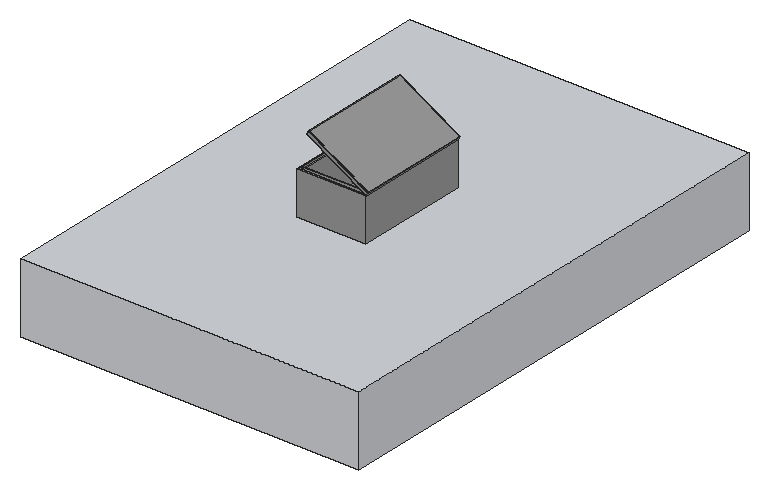
Revit family "Hager-Univers-IP44-D205-Cl.I-enclosure_metering-CH-it", category Equipement électrique, Revit 2020
Family settings
  Hôte = Face
  Configuration du panneau = Deux colonnes, circuits au sein
  Cote de connecteur circulaire = Utiliser le diamètre
  Type d'élément = Tableau de raccordement
  Couper avec des vides une fois chargée = Non
  Partagée = Non
  Point de calcul de pièce = Non
Parameters (values of type "A parete IP44 L300 A500 P205  - ZB011T")
  Width Control [instance] = if([EF000008 - Larghezza] > Min Width, [EF000008 - Larghezza], Min Width)  # 300 mm
  Commentaires du type = [HG000003 - Gamma]  # "Univers"
  Thickness Door [instance] = if([EF009171 - spessore materiale porta/coperchio] > 3 mm, 3 mm, [EF009171 - spessore materiale porta/coperchio])  # 1 mm
  Seal Frame Offset [instance] = 17 mm  # constant formula
  Plinth Visibility [instance] = [HG000027 - Altezza dello zoccolo] > 0 mm  # no
  Model = ""
  Min Width [instance] = 100 mm  # constant formula
  Min Height [instance] = 100 mm  # constant formula
  Min Depth [instance] = (2 * [EF009170 - spessore materiale scatola]) + 1 mm  # 3 mm
  Internal Frame Depth [instance] = (Door System Depth * 0.5)  # 9 mm
  Height Control [instance] = if([EF000040 - Altezza] > Min Height, [EF000040 - Altezza], Min Height)  # 500 mm
  HG000027 - Altezza dello zoccolo = 0 mm
  HG000026 - A pavimento = no
  HG000024 - Altezza della sezione inferiore = 800 mm
  HG000023 - Custodia a doppia sezione = no
  HG000016 - Visibilità delle porte nella vista 3D [instance] = yes
  HG000015 - Visibilità attraverso la porta [instance] = no
  HG000014 - Porta destra [instance] = yes
  HG000013 - Porta sinistra [instance] = not([HG000014 - Porta destra])  # no
  HG000012 - Angolo di apertura della porta [instance] = 30.00°
  HG000010 - Porte asimmetriche = no
  HG000009 - Porta doppia a battente = no
  HG000006 - Ad incasso = no
  HG000004 - Codice produttore = "ZB011T"
  HG000003 - Gamma = "Univers"
  HG000002 - Con porta = yes
  Frame Offset Bottom [instance] = 10 mm  # constant formula
  Frame Offset [instance] = 15 mm  # constant formula
  EF015940 - Coprire con rilascio di sovrapressione = no
  EF011959 - tipo di protezione (NEMA) = ""
  EF009554 - numero delle aperture per la piastra della flangia = 0
  Fabricant = "Hager"  # constant formula
  EF009212 - esecuzione coperchio = "EV000116 - chiuso"
  EF009171 - spessore materiale porta/coperchio = 1 mm
  EF009170 - spessore materiale scatola = 1 mm
  EF008873 - corrente nominale (In) = 250 A
  EF007800 - adatto per parafulmine = no
  EF006306 - con serratura = no
  EF006244 - coperchio/porta trasparente = no
  EF005474 - grado di protezione (IP) = "EV006418 - IP44"
  EF004464 - tipo di porta = "EV002646 - singolo"
  EF004427 - numero di moduli = 48
  EF004293 - resistenza agli urti = "EV006815 - IK09"
  EF003532 - adatto per uso esterno = no
  EF002950 - Numero moduli DIN = 0
  EF001613 - Integrità del circuito = "EV000494 - senza"
  EF001596 - Attacco Lampada = "EV000179 - acciaio"
  EF001131 - profondità interna = 0 mm
  EF001088 - possibilità di applicazione = yes
  EF000437 - numero di ingressi per conduttori = 0
  EF000339 - tipo di copertura = "EV004216 - porta"
  EF000266 - numero di file = 4
  EF000218 - profondità di incasso = 0 mm
  EF000118 - con piastra di montaggio = no
  EF000116 - numero RAL = "9010"
  EF000049 - profondità = 205 mm
  EF000040 - Altezza = 500 mm
  EF000008 - Larghezza = 300 mm
  EF000007 - colore = "EV000202 - bianco"
  EF000003 - Tipo di montaggio = "EV000384 - A parete"
  Door System Leaf Tolerance [instance] = 1.5 mm  # constant formula
  Door System Depth [instance] = 18 mm  # constant formula
  Door Height [instance] = Height Control - [HG000027 - Altezza dello zoccolo]  # 500 mm
  Depth Control [instance] = if([EF000049 - profondità] > Min Depth, [EF000049 - profondità], Min Depth)  # 205 mm
  Default Elevation = 0 mm
  Connector Offset [instance] = Height Control / 2  # 250 mm
  Bottom Top Plate Trim [instance] = 1.5 mm  # constant formula
  Plinth height Ctrl [instance] = if([HG000027 - Altezza dello zoccolo] > 0 mm, [HG000027 - Altezza dello zoccolo], 12 mm)  # 12 mm
Types (3, lengths in mm): name | Width Control | HG000004 - Codice produttore | EF004464 - tipo di porta | EF004427 - numero di moduli | EF000266 - numero di file | EF000008 - Larghezza
  A parete IP44 L1050 A500 P205  - ZB014T | 1050 | "ZB014T" | "EV003602 - doppio" | 144 | 0 | 1050
  A parete IP44 L1300 A500 P205  - ZB015T | 1300 | "ZB015T" | "EV003602 - doppio" | 180 | 0 | 1300
  A parete IP44 L300 A500 P205  - ZB011T | 300 | "ZB011T" | "EV002646 - singolo" | 48 | 4 | 300
Reference planes
  plane 1 "Center (Front/Back)": y = 0
  plane 2: z = 0
  plane 3 "Center (Left/Right)": x = 0
  plane 4: z = 205
  plane 5: y = 1
  plane 6: y = 250
  plane 7: y = 0
  plane 8: y = 500
  plane 9: z = 0
  plane 10: x = -135
  plane 11: x = 135
  plane 12: x = 134
  plane 13: x = -134
  plane 14: y = 499
  plane 15: x = -133
  plane 16: x = -150
  plane 17: x = 133
  plane 18: x = 150
  plane 19: x = 149
  plane 20: x = -149
  plane 21: y = 11
  plane 22: y = 500
  plane 23: y = 484
  plane 24: z = 187
  plane 25: z = 1
  plane 26: z = 186
  plane 27: z = 204
Forms (mm)
  Extrusion 1, solid
    sketch origin (0, 0, 0) x (1, 0, 0) y (0, 1, 0)
      loop
        line (-702.964, 1305) -> (-702.964, -811.445) -> (766.763, -811.445) -> (766.763, 1305) -> (-702.964, 1305)
    from 0 to -304.8
  Extrusion 2, solid, material "Hager_Steel_RAL7035_Light_Grey", visible <- "Plinth Visibility", detail levels medium+fine
    sketch origin (0, 0, 0) x (1, 0, 0) y (0, 1, 0)
      loop
        line (-150, 0) -> (150, 0) -> (150, 12) -> (-150, 12) -> (-150, 0)
    from 0 to 187
  Extrusion 3, solid, material "Hager_Steel_RAL7035_Light_Grey", detail levels medium+fine
    sketch origin (0, 0, 0) x (1, 0, 0) y (0, 1, 0)
      loop
        line (-150, 0) -> (150, 0) -> (150, 500) -> (-150, 500) -> (-150, 0)
    from 0 to 187
  Extrusion 4, void
    sketch origin (0, 0, 0) x (1, 0, 0) y (0, 1, 0)
      loop
        line (-149, 1) -> (149, 1) -> (149, 499) -> (-149, 499) -> (-149, 1)
    from 1 to 186
  Extrusion 5, void
    sketch origin (-381.607, -4572, 187) x (0, -1, 0) y (-1, 0, 0)
      loop
        line (-4583, -247.607) -> (-5056, -247.607) -> (-5056, -515.607) -> (-4583, -515.607) -> (-4583, -247.607)
    from 0 to 1 <- "EF009170 - spessore materiale scatola"
  Extrusion 6, solid, material "Hager_Steel_RAL7035_Light_Grey", detail levels fine
    sketch origin (0, 0, 187) x (1, 0, 0) y (0, 1, 0)
      loop
        line (-134, 484) -> (-134, 11) -> (134, 11) -> (134, 484) -> (-134, 484)
      loop
        line (-135, 10) -> (135, 10) -> (135, 485) -> (-135, 485) -> (-135, 10)
    from 0 to 9 <- "Internal Frame Depth"
  Extrusion 7, solid, material "Hager_Steel_RAL7035_Light_Grey", detail levels coarse
    sketch origin (0, 0, 0) x (1, 0, 0) y (0, 1, 0)
      loop
        line (-150, 0) -> (150, 0) -> (150, 500) -> (-150, 500) -> (-150, 0)
    from 0 to 205
  Sweep 8, void
    path in 3D
      loop
        line (-150, 12, 0) -> (150, 12, 0) -> (150, 12, 187) -> (-150, 12, 187) -> (-150, 12, 0)
    profile origin (-150, 12, 93.5) x (-1, 0, 0) y (0, -1, 0)
      loop
        line (0, 0) -> (0, 1.5) -> (-1.5, 1.5)
        arc (-1.5, 1.5) -> (-1.061, 0.439) -> (0, 0) r 1.5
Cuts and joins
  Extrusion 4, Extrusion 5 cuts Extrusion 3
  Sweep 8 cuts Extrusion 2
Lines and regions (mm)
  Masking region 1
    outline origin (0, 0, 0) x (1, 0, 0) y (0, 0, 1)
      loop
        line (-150, 205) -> (-150, 0) -> (150, 0) -> (150, 205) -> (-150, 205)
  Masking region 2, detail levels medium+fine
    outline origin (0, 140, 0) x (0, 1, 0) y (0, 0, 1)
      loop
        line (-140, 0) -> (360, 0) -> (360, 187) -> (-140, 187) -> (-140, 0)
  Masking region 3, not visible, detail levels medium+fine
    outline origin (0, 297.922, 0) x (0, 1, 0) y (0, 0, 1)
      loop
        line (-36.422, 0) -> (3.578, 0) -> (3.578, 194)
        arc (3.578, 194) -> (0.649, 201.071) -> (-6.422, 204) r 10
        line (-6.422, 204) -> (-36.422, 204) -> (-36.422, 0)
  Masking region 4, detail levels coarse
    outline origin (0, 0, 180) x (0, 1, 0) y (0, 0, 1)
      loop
        line (0, -180) -> (500, -180) -> (500, 25) -> (0, 25) -> (0, -180)
  Masking region 5, visible <- "Plinth Visibility", detail levels medium+fine
    outline origin (0, 52.24, 12.345) x (0, 0, -1) y (0, 1, 0)
      loop
        line (10.845, -40.24) -> (-173.155, -40.24)
        arc (-173.155, -40.24) -> (-173.594, -41.301) -> (-174.655, -41.74) r 1.5
        line (-174.655, -41.74) -> (-174.655, -52.24) -> (12.345, -52.24) -> (12.345, -41.74)
        arc (12.345, -41.74) -> (11.285, -41.301) -> (10.845, -40.24) r 1.5
  Masking region 6, detail levels medium+fine
    outline origin (-381.607, -4572, 187) x (-1, 0, 0) y (0, -1, 0)
      loop
        line (-231.607, -5072) -> (-231.607, -4572) -> (-531.607, -4572) -> (-531.607, -5072) -> (-231.607, -5072)
  Masking region 7, visible <- "Plinth Visibility", detail levels medium+fine
    outline origin (-381.607, -4727, 187) x (-1, 0, 0) y (0, -1, 0)
      loop
        arc (-233.107, -4739) -> (-232.668, -4737.939) -> (-231.607, -4737.5) r 1.5
        line (-231.607, -4737.5) -> (-231.607, -4727) -> (-531.607, -4727) -> (-531.607, -4737.5)
        arc (-531.607, -4737.5) -> (-530.546, -4737.939) -> (-530.107, -4739) r 1.5
        line (-530.107, -4739) -> (-233.107, -4739)
  Masking region 8, detail levels coarse
    outline origin (-442.548, -4669.526, 187) x (-1, 0, 0) y (0, -1, 0)
      loop
        line (-292.548, -5169.526) -> (-292.548, -4669.526) -> (-592.548, -4669.526) -> (-592.548, -5169.526) -> (-292.548, -5169.526)
  sketch lines
    curve 1: line (-150, 12, 187) -> (-150, 12, 0)
    curve 2: line (150, 12, 187) -> (-150, 12, 187)
    curve 3: line (150, 12, 187) -> (150, 12, 0)
    curve 4: line (-150, 12, 0) -> (150, 12, 0)
Dimensions and locks
  "Depth Control": plane 4 to Extrusion 1
  "HG000027 - Altezza dello zoccolo": plane 1 "Center (Front/Back)" to plane 7
  "EF009170 - spessore materiale scatola": plane 5 to plane 7
  locked: connector elem to plane 3 "Center (Left/Right)"
  equal spacing: plane 8, plane 6, plane 7
  locked: connector elem to plane 6
  "EF009170 - spessore materiale scatola": plane 8 to plane 14
  "EF009170 - spessore materiale scatola": plane 10 to plane 13
  "EF009170 - spessore materiale scatola": plane 12 to plane 11
  "Frame Offset": plane 20 to plane 13
  "Frame Offset": plane 12 to plane 19
  "EF009170 - spessore materiale scatola": plane 16 to plane 20
  "EF009170 - spessore materiale scatola": plane 19 to plane 18
  "Seal Frame Offset": plane 16 to plane 15
  "Seal Frame Offset": plane 17 to plane 18
  "Frame Offset Bottom": plane 21 to plane 5
  "Frame Offset": plane 14 to plane 23
  equal spacing: plane 16, plane 3 "Center (Left/Right)", plane 18
  "Width Control": plane 16 to plane 18
  "EF009170 - spessore materiale scatola": plane 4 to plane 27
  "EF009170 - spessore materiale scatola": plane 24 to plane 26
  "EF009170 - spessore materiale scatola": plane 25 to level
  "Door System Depth": plane 4 to plane 24
  "Height Control": plane 1 "Center (Front/Back)" to Extrusion 7 sketch curve
  "Height Control": Masking region 4 sketch curve to plane 1 "Center (Front/Back)"
  "Height Control": plane 1 "Center (Front/Back)" to plane 22
  "Bottom Top Plate Trim": profile plane to Sweep 8 sketch curve
  "Bottom Top Plate Trim": Sweep 8 sketch curve to profile plane
  "Plinth height Ctrl": plane 1 "Center (Front/Back)" to Extrusion 2 sketch curve
  "Plinth height Ctrl": Masking region 5 sketch curve to plane 1 "Center (Front/Back)"
  "Plinth height Ctrl": plane 1 "Center (Front/Back)" to Masking region 7 sketch curve
  "Thickness Door": Extrusion 6 sketch curve to Extrusion 6 sketch curve  (x3)
  "Thickness Door": cut or joined group of Extrusion 3, Extrusion 4, Extrusion 5 to Extrusion 6 sketch curve
  radius of Masking region 3 sketch curve = 10 mm
  "Bottom Top Plate Trim": radius of Masking region 5 sketch curve  (x2)
  "Bottom Top Plate Trim": radius of Sweep 8 sketch curve
  "Bottom Top Plate Trim": radius of Masking region 7 sketch curve  (x2)
  aligned and locked: plane 2 to Extrusion 1
  aligned and locked: level to Extrusion 1
  aligned and locked: level to Masking region 1 sketch curve
  aligned and locked: Masking region 1 sketch curve to plane 18
  aligned and locked: Masking region 1 sketch curve to plane 16
  aligned and locked: plane 7 to Masking region 2 sketch curve
  aligned and locked: level to Masking region 3 sketch curve
  aligned and locked: Masking region 3 sketch curve to plane 27
  aligned and locked: level to Masking region 2 sketch curve
  aligned and locked: plane 1 "Center (Front/Back)" to Extrusion 2 sketch curve
  aligned and locked: Extrusion 3 sketch curve to plane 7
  aligned and locked: plane 16 to Extrusion 3 sketch curve
  aligned and locked: plane 18 to Extrusion 3 sketch curve
  aligned and locked: plane 20 to Extrusion 4 sketch curve
  aligned and locked: plane 19 to Extrusion 4 sketch curve
  aligned and locked: Extrusion 4 sketch curve to plane 5
  aligned and locked: Extrusion 4 to plane 25
  aligned and locked: plane 26 to Extrusion 4
  aligned and locked: plane 24 to Extrusion 3
  aligned and locked: plane 21 to Extrusion 5 sketch curve
  aligned and locked: Extrusion 5 sketch curve to plane 13
  aligned and locked: Extrusion 5 sketch curve to plane 12
  aligned and locked: plane 18 to Extrusion 7 sketch curve
  aligned and locked: plane 1 "Center (Front/Back)" to Extrusion 7 sketch curve
  aligned and locked: plane 16 to Extrusion 7 sketch curve
  aligned and locked: plane 4 to Extrusion 7
  aligned and locked: Extrusion 7 to level
  aligned and locked: level to Masking region 4 sketch curve
  aligned and locked: Masking region 4 sketch curve to plane 1 "Center (Front/Back)"
  aligned and locked: Masking region 4 sketch curve to plane 4
  aligned and locked: nested 1 to level
  aligned and locked: nested 1 to plane 16
  aligned and locked: plane 8 to Extrusion 3 sketch curve
  aligned and locked: plane 23 to Extrusion 5 sketch curve
  aligned and locked: plane 14 to Extrusion 4 sketch curve
  aligned and locked: Masking region 2 sketch curve to plane 8
  aligned and locked: level to Masking region 5 sketch curve
  aligned and locked: plane 16 to Extrusion 2 sketch curve
  aligned and locked: plane 18 to Extrusion 2 sketch curve
  aligned and locked: Masking region 5 sketch curve to plane 24
  aligned and locked: Masking region 2 sketch curve to plane 24
  aligned and locked: plane 24 to Extrusion 2
  aligned and locked: profile plane to Sweep 8 sketch curve  (x2)
  aligned and locked: Masking region 6 sketch curve to plane 18
  aligned and locked: Masking region 6 sketch curve to plane 22
  aligned and locked: Masking region 6 sketch curve to plane 16
  aligned and locked: plane 8 to plane 22
  aligned and locked: plane 7 to Masking region 6 sketch curve
  aligned and locked: Masking region 7 sketch curve to plane 16
  aligned and locked: Masking region 7 sketch curve to plane 1 "Center (Front/Back)"
  aligned and locked: Masking region 7 sketch curve to plane 18
  aligned and locked: Masking region 8 sketch curve to plane 1 "Center (Front/Back)"
  aligned and locked: Masking region 8 sketch curve to plane 18
  aligned and locked: Masking region 8 sketch curve to plane 22
  aligned and locked: Masking region 8 sketch curve to plane 16
  aligned and locked: nested 2 to plane 7
  aligned and locked: plane 3 "Center (Left/Right)" to nested 2
  aligned and locked: plane 24 to nested 2
  aligned and locked: Extrusion 6 sketch curve to cut or joined group of Extrusion 3, Extrusion 4, Extrusion 5  (x4)
Automatic sketch dimensions
  Extrusion 1 sketch curve to Extrusion 1 sketch curve = 1469.727 mm
  Extrusion 1 sketch curve to Extrusion 1 sketch curve = 2116.445 mm
  Masking region 1 sketch curve to plane 4 = 0 mm
  plane 6 to Masking region 3 sketch curve = 11.5 mm
  Masking region 3 sketch curve to Masking region 3 sketch curve = 30 mm
  Masking region 5 sketch curve to plane 1 "Center (Front/Back)" = 0 mm
Nested families
  nested 1: "Hager_Enclosure_Symbol" at (-150, 0, 0) x (1, 0, 0) z (0, -1, 0), Height <- "Depth Control", Width <- "Width Control", type "Hager_Enclosure_Symbol"
    with Width_Ctrl 300 mm, Width 300 mm, Height_Ctrl 205 mm, Height 205 mm, A_Width_Int 13.453 mm, A_Width 161.438 mm, A_Height_Ctrl 179.375 mm, A_Height 179.375 mm
  nested 2: "EC000058_Univers_Door" at (0, 0, 187) x (1, 0, 0) z (0, 1, 0), Leaf_Tolerance <- "Door System Leaf Tolerance", Angle <- "HG000012 - Angolo di apertura della porta", Door_Depth <- "Door System Depth", Door_Left <- "HG000013 - Porta sinistra", Transparent <- "EF006244 - coperchio/porta trasparente", Assymetrical <- "HG000010 - Porte asimmetriche", Width <- "Width Control", Clearance <- "HG000015 - Visibilità attraverso la porta", Double <- "HG000009 - Porta doppia a battente", 3d_Door <- "HG000016 - Visibilità delle porte nella vista 3D", Lock_Visibility <- "EF006306 - con serratura", Width_Ctrl <- "Width Control", Door_Right <- "HG000014 - Porta destra", Door <- "HG000002 - Con porta", Height <- "Door Height", Thickness <- "Thickness Door", type "EC000058_Univers_Door", detail levels medium+fine
    with min_wh 3 mm, Width_Ctrl 300 mm, Width 300 mm, Transparent no, Thickness 1 mm, Seal_Material Hager_Rubber, Lock_Visibility no, Lock_Material Hager_Plastic_RAL9005_Jet_Black, Leaf_Width 300 mm, Leaf_Tolerance_External_Sides 0 mm, Leaf_Tolerance 1.5 mm, Leaf_Offset 0 mm, Leaf_Height 497 mm, Leaf_2_Width 300 mm, Leaf_2_Offset 150 mm, Leaf_1_Width 300 mm, Leaf_1_Offset 150 mm, Height_Ctrl 500 mm, Height 500 mm, Glass_Material Hager_Glass, Double_Clearance_Ctrl no, Double no, Door_Right_Ctrl yes, Door_Right yes, Door_Material Hager_Steel_RAL7035_Light_Grey, Door_Left_Ctrl no, Door_Left no, Door_Depth 18 mm, Door yes, Clearance_Material Hager_Clearance, Clearance_Depth 300 mm, Clearance_Ctrl no, Clearance no, Assymetrical no, Angle 30.00°, 3d_Door yes
Connectors
  electrical at (0, 250, 0)
    settings: on plane 9, index 1, voltage 0 V, apparent load 0 VA, apparent load phase1 0 VA, apparent load phase2 0 VA, apparent load phase3 0 VA, power factor 1, load classification "Other", number of poles 1, system type 30, power factor state 1, is connector primary yes, connector utility no, sub classification motor no, connector description ""
Definition of nested family "EC000058_Univers_Door"
  Parameters (values of type "EC000058_Univers_Door")
    min_wh [instance] = (2 * Thickness) + 1 mm  # 11 mm
    Width_Ctrl [instance] = 400 mm
    Width [instance] = 500 mm
    Transparent [instance] = yes
    Thickness [instance] = 5 mm
    Seal_Material [instance] = none
    Lock_Visibility [instance] = yes
    Lock_Material [instance] = none
    Leaf_Width [instance] = if((Width_Ctrl - 2 * Leaf_Tolerance_External_Sides) > 0 mm, (Width_Ctrl - 2 * Leaf_Tolerance_External_Sides), min_wh)  # 400 mm
    Leaf_Tolerance_External_Sides [instance] = 0 mm  # constant formula
    Leaf_Tolerance [instance] = 1.5 mm
    Leaf_Offset [instance] = 0 mm  # constant formula
    Leaf_Height [instance] = if((Height_Ctrl - 2 * Leaf_Tolerance) > 0 mm, (Height_Ctrl - 2 * Leaf_Tolerance), min_wh)  # 497 mm
    Leaf_2_Width [instance] = if(and(and(Double, Assymetrical), Door_Left), (Leaf_Width / 3) - (Leaf_Tolerance / 2), if(and(and(Double, Assymetrical), Door_Right), (Leaf_Width / 3) * 2 - (Leaf_Tolerance / 2), if(and(Double, not(Assymetrical)), (Leaf_Width / 2) - Leaf_Tolerance, Leaf_Width)))  # 400 mm
    Leaf_2_Offset [instance] = if(and(Double, Assymetrical), Leaf_2_Width / 2, if(and(Double, not(Assymetrical)), Leaf_Width / 4, Leaf_Width / 2))  # 200 mm
    Leaf_1_Width [instance] = if(and(and(Double, Assymetrical), Door_Right), (Leaf_Width / 3) - (Leaf_Tolerance / 2), if(and(and(Double, Assymetrical), Door_Left), (Width / 3) * 2 - (Leaf_Tolerance / 2), if(and(Double, not(Assymetrical)), (Leaf_Width / 2) - Leaf_Tolerance, Leaf_Width)))  # 400 mm
    Leaf_1_Offset [instance] = if(and(Double, Assymetrical), Leaf_1_Width / 2, if(and(Double, not(Assymetrical)), Leaf_Width / 4, Leaf_Width / 2))  # 200 mm
    Height_Ctrl [instance] = if(Height > min_wh, Height, min_wh)  # 500 mm
    Height [instance] = 500 mm
    Glass_Material [instance] = none
    Double_Clearance_Ctrl [instance] = and(Double, Clearance)  # no
    Double [instance] = no
    Door_Right_Ctrl [instance] = and(or(Door_Right, Double), Door)  # yes
    Door_Right [instance] = yes
    Door_Material [instance] = none
    Door_Left_Ctrl [instance] = and(or(Door_Left, Double), Door)  # no
    Door_Left [instance] = no
    Door_Depth [instance] = 30 mm
    Door [instance] = yes
    Default Elevation = 1219.2 mm
    Clearance_Material [instance] = none
    Clearance_Depth [instance] = if(Leaf_1_Width > Leaf_2_Width, Leaf_1_Width, Leaf_2_Width)  # 400 mm
    Clearance_Ctrl [instance] = and(not(Double), Clearance)  # yes
    Clearance [instance] = yes
    Assymetrical [instance] = yes
    Angle [instance] = 30.00°
    3d_Door [instance] = yes
  Reference planes
    plane 1 "Center (Front/Back)": y = 0
    plane 2 "Bottom": z = 0
    plane 3 "Center (Left/Right)": x = 0
    plane 4: z = 500
    plane 5: x = -200
    plane 6: x = 200
    plane 7: z = 500
    plane 8: x = -200
    plane 9: z = 0
    plane 10: x = 200
    plane 11: y = 0
    plane 12: z = 1.5
    plane 13: x = -600
    plane 14: y = -400
    plane 15: x = 600
    plane 16: x = 0
    plane 17: x = 0
    plane 18: x = -200
    plane 19: x = 200
    plane 20: z = 498.5
  Forms (mm)
    Extrusion 1, solid, material <- "Clearance_Material", visible <- "Double_Clearance_Ctrl"
      sketch origin (1200, 0, 0) x (1, 0, 0) y (0, 0, -1)
        loop
          line (-1800, -498.5) -> (-600, -498.5) -> (-600, 0) -> (-1800, 0) -> (-1800, -498.5)
      from 0 to -400
  Dimensions and locks
    equal spacing: plane 5, plane 3 "Center (Left/Right)", plane 6
    "Width_Ctrl": plane 5 to plane 6
    "Leaf_Offset": plane 5 to plane 8
    "Leaf_Offset": plane 6 to plane 10
    "Leaf_Offset": plane 9 to level
    "Leaf_Offset": plane 4 to plane 7
    "Height_Ctrl": plane 4 to level
    "Leaf_Tolerance": plane 12 to plane 9
    locked: plane 11 to plane 1 "Center (Front/Back)"
    "Leaf_1_Offset": plane 18 to plane 16
    "Leaf_2_Offset": plane 17 to plane 19
    "Leaf_1_Width": plane 13 to plane 8
    "Leaf_2_Width": plane 10 to plane 15
    "Clearance_Depth": plane 14 to plane 1 "Center (Front/Back)"
    "Leaf_Tolerance_External_Sides": plane 8 to plane 18
    "Leaf_Tolerance_External_Sides": plane 19 to plane 10
    "Leaf_Tolerance": plane 7 to plane 20
    aligned and locked: level to plane 2 "Bottom"
    aligned and locked: nested 1 to plane 16
    aligned and locked: nested 2 to plane 17
    aligned and locked: Extrusion 1 to plane 13
    aligned and locked: plane 15 to Extrusion 1
    aligned and locked: Extrusion 1 to plane 14
    aligned and locked: plane 12 to nested 1
    aligned and locked: nested 2 to plane 12
    aligned and locked: Extrusion 1 to plane 11
    aligned and locked: plane 20 to Extrusion 1
    aligned and locked: nested 2 to plane 11
    aligned and locked: nested 1 to plane 11
  Automatic sketch dimensions
    Extrusion 1 sketch curve to level = 0 mm
    plane 5 to Extrusion 1 sketch curve = 400 mm
    plane 6 to Extrusion 1 sketch curve = 400 mm
    Extrusion 1 sketch curve to plane 4 = 1.5 mm
  Nested families
    nested 1: "EC000058_Univers_Door_Leaf" at (0, 0, 1.5), Width <- "Leaf_1_Width", visible <- "Door_Left_Ctrl", Leaf_Height <- "Leaf_Height", Angle <- "Angle", 3d_Door <- "3d_Door", Transparent <- "Transparent", Clearance Material <- "Clearance_Material", Clearance <- "Clearance_Ctrl", Door_Material <- "Door_Material", Glass_Material <- "Glass_Material", Door_Depth <- "Door_Depth", Lock_Material <- "Lock_Material", Seal_Material <- "Seal_Material", Lock_Visibility <- "Lock_Visibility", Thickness <- "Thickness", type "EC000058_Univers_Door_Leaf"
      with Width 400 mm, Transparent_Glass_Offset 30 mm, Transparent_Ctrl yes, Transparent yes, Thickness 5 mm, Standard no, Seal_Material none, Seal_D2 8 mm, Seal_D1 1 mm, Offset_Internal_Frame 10 mm, Lock_Width 20 mm, Lock_Visibility_3d yes, Lock_Visibility yes, Lock_Thickness_3 3 mm, Lock_Thickness_2 1 mm, Lock_Thickness_1 3 mm, Lock_Radius_Offset_2 16 mm, Lock_Radius_Offset_1 15 mm, Lock_Radius_2 5 mm, Lock_Radius 6 mm, Lock_Offset 5 mm, Lock_Material none, Lock_Height 80 mm, Lock_Cover_Top_Offset_2d 17 mm, Lock_Cover_Height -65 mm, Leaf_Height 497 mm, Internal_Seal_Thickness 8 mm, Internal_Seal_Depth_2 4.5 mm, Internal_Frame_Depth 25 mm, Glass_Thickness -1 mm, Glass_Offset -2 mm, Glass_Material none, Door_Material none, Door_Depth 30 mm, Clearance Material none, Clearance yes, Angle_Ctrl 30.00°, Angle 30.00°, 3d_Door yes
    nested 2: "EC000058_Univers_Door_Leaf" at (0, 0, 1.5) x (-1, 0, 0) z (0, 0, 1), Width <- "Leaf_2_Width", visible <- "Door_Right_Ctrl", Leaf_Height <- "Leaf_Height", Angle <- "Angle", 3d_Door <- "3d_Door", Transparent <- "Transparent", Clearance Material <- "Clearance_Material", Clearance <- "Clearance_Ctrl", Door_Material <- "Door_Material", Glass_Material <- "Glass_Material", Door_Depth <- "Door_Depth", Lock_Material <- "Lock_Material", Seal_Material <- "Seal_Material", Lock_Visibility <- "Lock_Visibility", Thickness <- "Thickness", type "EC000058_Univers_Door_Leaf"
      with Width 400 mm, Transparent_Glass_Offset 30 mm, Transparent_Ctrl yes, Transparent yes, Thickness 5 mm, Standard no, Seal_Material none, Seal_D2 8 mm, Seal_D1 1 mm, Offset_Internal_Frame 10 mm, Lock_Width 20 mm, Lock_Visibility_3d yes, Lock_Visibility yes, Lock_Thickness_3 3 mm, Lock_Thickness_2 1 mm, Lock_Thickness_1 3 mm, Lock_Radius_Offset_2 16 mm, Lock_Radius_Offset_1 15 mm, Lock_Radius_2 5 mm, Lock_Radius 6 mm, Lock_Offset 5 mm, Lock_Material none, Lock_Height 80 mm, Lock_Cover_Top_Offset_2d 17 mm, Lock_Cover_Height -65 mm, Leaf_Height 497 mm, Internal_Seal_Thickness 8 mm, Internal_Seal_Depth_2 4.5 mm, Internal_Frame_Depth 25 mm, Glass_Thickness -1 mm, Glass_Offset -2 mm, Glass_Material none, Door_Material none, Door_Depth 30 mm, Clearance Material none, Clearance yes, Angle_Ctrl 30.00°, Angle 30.00°, 3d_Door yes
  Definition of nested family "EC000058_Univers_Door_Leaf"
    Parameters (values of type "EC000058_Univers_Door_Leaf")
      Width [instance] = 2000 mm
      Transparent_Glass_Offset [instance] = 30 mm
      Transparent_Ctrl [instance] = and(Transparent, [3d_Door])  # yes
      Transparent [instance] = yes
      Thickness [instance] = 5 mm
      Standard [instance] = and(not(Transparent), [3d_Door])  # no
      Seal_Material [instance] = none
      Seal_D2 [instance] = 8 mm  # constant formula
      Seal_D1 [instance] = 1 mm  # constant formula
      Offset_Internal_Frame [instance] = 10 mm  # constant formula
      Lock_Width [instance] = 20 mm  # constant formula
      Lock_Visibility_3d [instance] = and(Lock_Visibility, [3d_Door])  # yes
      Lock_Visibility [instance] = yes
      Lock_Thickness_3 [instance] = 3 mm  # constant formula
      Lock_Thickness_2 [instance] = 1 mm  # constant formula
      Lock_Thickness_1 [instance] = 3 mm  # constant formula
      Lock_Radius_Offset_2 [instance] = Lock_Radius_Offset_1 + 1 mm  # 16 mm
      Lock_Radius_Offset_1 [instance] = 15 mm  # constant formula
      Lock_Radius_2 [instance] = Lock_Radius - 1 mm  # 5 mm
      Lock_Radius [instance] = 6 mm  # constant formula
      Lock_Offset [instance] = 5 mm  # constant formula
      Lock_Material [instance] = none
      Lock_Height [instance] = 80 mm  # constant formula
      Lock_Cover_Top_Offset_2d [instance] = Lock_Radius_Offset_2 + 1 mm  # 17 mm
      Lock_Cover_Height [instance] = -(Lock_Height - Lock_Radius_Offset_1)  # -65 mm
      Leaf_Height [instance] = 2720.336 mm
      Internal_Seal_Thickness [instance] = 8 mm  # constant formula
      Internal_Seal_Depth_2 [instance] = 4.5 mm  # constant formula
      Internal_Frame_Depth [instance] = if(Door_Depth - Thickness > 5 mm, Door_Depth - Thickness, 5 mm)  # 25 mm
      Glass_Thickness [instance] = if(Thickness > 15 mm, Glass_Offset + 10 mm, -1 mm)  # -1 mm
      Glass_Offset [instance] = if(Thickness > 15 mm, -(Thickness + 10 mm) / 2, -2 mm)  # -2 mm
      Glass_Material [instance] = none
      Door_Material [instance] = none
      Door_Depth [instance] = 30 mm
      Default Elevation = 0 mm
      Clearance Material [instance] = none
      Clearance [instance] = yes
      Angle_Ctrl [instance] = if(Angle > 180.00°, 180.00°, Angle)  # 90.00°
      Angle [instance] = 90.00°
      3d_Door [instance] = yes
    Reference planes
      plane 1 "Center (Front/Back)": y = 0
      plane 2: z = 0
      plane 3 "Center (Left/Right)": x = 0
      plane 4: y = 2000
      plane 5: x = -1000
      plane 6: x = 1000
      plane 7: x = -3000
      plane 8: z = 2720.336
      plane 9: z = 30
      plane 10: z = 2690.336
      plane 11: x = 970
      plane 12: x = -970
      plane 13: y = -3
      plane 14: z = 107.833
      plane 15: y = -5
      plane 16: y = -223.314
      plane 17: x = -1000
      plane 18: z = 1360.168
      plane 19: y = 30
    Forms (mm)
      Extrusion 1, solid, material <- "Clearance Material", visible <- "Clearance"
        sketch origin (0, 0, 0) x (1, 0, 0) y (0, 0, 1)
          loop
            line (-3000, 2720.336) -> (-3000, 0) -> (1000, 0) -> (1000, 2720.336) -> (-3000, 2720.336)
        from 0 to -2000
      Extrusion 2, solid, material <- "Door_Material", visible <- "Standard", detail levels medium+fine
        sketch origin (-1000, 0, 0) x (0, 1, 0) y (-1, 0, 0)
          loop
            line (0, 30) -> (0, 25) -> (2000, 25) -> (2000, 30) -> (0, 30)
        from 0 to 2720.336 <- "Leaf_Height"
      Extrusion 3, solid, material <- "Door_Material", visible <- "Transparent_Ctrl", detail levels medium+fine
        sketch origin (-1000, 0, 0) x (0, 1, 0) y (-1, 0, 0)
          loop
            line (0, 25) -> (2000, 25) -> (2000, 30) -> (0, 30) -> (0, 25)
        from 0 to 2720.336 <- "Leaf_Height"
      Extrusion 4, void
        sketch origin (-1025, 2000, 0) x (0, 1, 0) y (0, 0, -1)
          loop
            line (-30, -2690.336) -> (-30, -30) -> (-1970, -30) -> (-1970, -2690.336) -> (-30, -2690.336)
        from 0 to 5 <- "Thickness"
      Sweep 5, solid, material <- "Seal_Material", visible <- "Transparent_Ctrl", detail levels fine
        path in 3D
          loop
            line (-1025, 30, 30) -> (-1025, 30, 2690.336) -> (-1025, 1970, 2690.336) -> (-1025, 1970, 30) -> (-1025, 30, 30)
        profile origin (-1025, 1000, 30) x (1, 0, 0) y (0, 0, 1)
          loop
            line (0, 0) -> (0, -8) -> (1, -8) -> (1, 0) -> (0, 0)
      Extrusion 6, solid, material <- "Glass_Material", visible <- "Transparent_Ctrl", detail levels medium+fine
        sketch origin (-1030, 0, 0) x (0, 1, 0) y (0, 0, -1)
          loop
            line (1970, -2690.336) -> (1970, -30) -> (30, -30) -> (30, -2690.336) -> (1970, -2690.336)
        from -2 <- "Glass_Offset" to -1 <- "Glass_Thickness"
      Extrusion 7, solid, material <- "Door_Material", visible <- "3d_Door", detail levels medium+fine
        sketch origin (-1025, 2000, 0) x (0, -1, 0) y (0, 0, -1)
          loop
            line (0, -2720.336) -> (2000, -2720.336) -> (2000, 0) -> (0, 0) -> (0, -2720.336)
          loop
            line (1995, -5) -> (5, -5) -> (5, -2715.336) -> (1995, -2715.336) -> (1995, -5)
        from 0 to 25 <- "Internal_Frame_Depth"
      Sweep 8, solid, material <- "Seal_Material", visible <- "Transparent_Ctrl", detail levels fine
        path in 3D
          loop
            line (-1025, 0, 0) -> (-1025, 2000, 0) -> (-1025, 2000, 2720.336) -> (-1025, 0, 2720.336) -> (-1025, 0, 0)
        profile origin (-1025, 0, 1360.168) x (1, 0, 0) y (0, 1, 0)
          loop
            line (0, 10) -> (2.975, 10)
            arc (2.975, 10) -> (4.053, 10.447) -> (4.5, 11.525) r 1.525
            line (4.5, 11.525) -> (4.5, 16.527)
            arc (4.5, 16.527) -> (4.069, 17.569) -> (3.027, 18) r 1.473
            line (3.027, 18) -> (0, 18) -> (0, 10)
      Extrusion 9, solid, material <- "Lock_Material", visible <- "Lock_Visibility_3d", detail levels fine
        sketch origin (-1030, 0, 0) x (0, 1, 0) y (0, 0, -1)
          loop
            arc (1993.5, -1400.168) -> (1994.561, -1399.729) -> (1995, -1398.668) r 1.5
            line (1995, -1398.668) -> (1995, -1320.168) -> (1975, -1320.168) -> (1975, -1398.668)
            arc (1975, -1398.668) -> (1975.439, -1399.729) -> (1976.5, -1400.168) r 1.5
            line (1976.5, -1400.168) -> (1993.5, -1400.168)
        from 3 <- "Lock_Thickness_1" to 0
      Blend 10, solid, material <- "Lock_Material", visible <- "Lock_Visibility_3d", detail levels fine
        base sketch origin (-1033, 0, 0) x (0, 1, 0) y (0, 0, -1)
          loop
            line (1975, -1320.168) -> (1975, -1398.668)
            arc (1975, -1398.668) -> (1975.439, -1399.729) -> (1976.5, -1400.168) r 1.5
            line (1976.5, -1400.168) -> (1993.5, -1400.168)
            arc (1993.5, -1400.168) -> (1994.561, -1399.729) -> (1995, -1398.668) r 1.5
            line (1995, -1398.668) -> (1995, -1320.168) -> (1975, -1320.168)
        top sketch origin (-1033, 0, 0) x (0, 1, 0) y (0, 0, -1)
          loop
            line (1976, -1320.168) -> (1976, -1398.668)
            arc (1976, -1398.668) -> (1976.146, -1399.022) -> (1976.5, -1399.168) r 0.5
            line (1976.5, -1399.168) -> (1993.5, -1399.168)
            arc (1993.5, -1399.168) -> (1993.854, -1399.022) -> (1994, -1398.668) r 0.5
            line (1994, -1398.668) -> (1994, -1320.168) -> (1976, -1320.168)
        from 0 to 1 <- "Lock_Thickness_2"
      Blend 11, solid, material <- "Lock_Material", visible <- "Lock_Visibility_3d", detail levels fine
        base sketch origin (-1034, 0, 0) x (0, 1, 0) y (0, 0, -1)
          loop
            line (1978, -1320.168) -> (1978, -1384.168)
            arc (1978, -1384.168) -> (1985, -1391.168) -> (1992, -1384.168) r 7
            line (1992, -1384.168) -> (1992, -1320.168) -> (1978, -1320.168)
        top sketch origin (-1034, 0, 0) x (0, 1, 0) y (0, 0, -1)
          loop
            line (1991, -1320.168) -> (1979, -1320.168) -> (1979, -1383.168)
            arc (1979, -1383.168) -> (1985, -1389.168) -> (1991, -1383.168) r 6
            line (1991, -1383.168) -> (1991, -1320.168)
        from 0 to 3 <- "Lock_Thickness_3"
      Extrusion 12, solid, material <- "Lock_Material", visible <- "Lock_Visibility_3d", detail levels fine
        sketch origin (-1030, 1975, 1320.168) x (1, 0, 0) y (0, -1, 0)
          loop
            line (-7, -19) -> (-7, -1) -> (0, -1) -> (0, 0) -> (-8, 0) -> (-8, -20) -> (0, -20) -> (0, -19) -> (-7, -19)
        from 0 to -65 <- "Lock_Cover_Height"
      Extrusion 13, void
        sketch origin (-1038, 1995, 1320.168) x (-1, 0, 0) y (0, 0, -1)
          loop
            line (-5, -65) -> (0, -65) -> (-5, -60) -> (-5, -65)
        from 0 to 20 <- "Lock_Width"
      Extrusion 14, void
        sketch origin (-1038, 1975, 1320.168) x (0, -1, 0) y (0, 0, -1)
          loop
            circle (-10, -15.995) r 6
          loop
            circle (-10, -15.995) r 5
        from 0 to 2
      Extrusion 15, solid, material <- "Lock_Material", visible <- "Lock_Visibility_3d", detail levels medium
        sketch origin (-1030, 0, 0) x (0, 1, 0) y (0, 0, -1)
          loop
            arc (1993.5, -1400.168) -> (1994.561, -1399.729) -> (1995, -1398.668) r 1.5
            line (1995, -1398.668) -> (1995, -1320.168) -> (1975, -1320.168) -> (1975, -1398.668)
            arc (1975, -1398.668) -> (1975.439, -1399.729) -> (1976.5, -1400.168) r 1.5
            line (1976.5, -1400.168) -> (1993.5, -1400.168)
        from 8 to 0
    Cuts and joins
      Extrusion 4 cuts Extrusion 3
      Extrusion 13, Extrusion 14 cuts Extrusion 9
      Extrusion 14 cuts Blend 11
      Extrusion 13, Extrusion 14 cuts Extrusion 12
      joined: Extrusion 9, Blend 10, Blend 11, Extrusion 12
      Extrusion 14 cuts Extrusion 15
    Lines and regions (mm)
      Masking region 1, visible <- "Lock_Visibility", detail levels fine
        outline origin (0, 0, 0) x (0, 1, 0) y (0, 0, 1)
          loop
            line (30, 1320.168) -> (33, 1320.168) -> (33, 1400.168) -> (30, 1400.168) -> (30, 1320.168)
      Masking region 2, visible <- "Lock_Visibility", detail levels fine
        outline origin (0, 3.143, 0) x (0, 1, 0) y (0, 0, 1)
          loop
            line (29.857, 1354.168) -> (30.857, 1354.168) -> (30.857, 1366.168) -> (29.857, 1366.168) -> (29.857, 1354.168)
      Masking region 3, detail levels medium+fine
        outline origin (0, 0, 0) x (0, 1, 0) y (0, 0, 1)
          loop
            line (0, 0) -> (30, 0) -> (30, 2720.336) -> (0, 2720.336) -> (0, 0)
      Masking region 4, detail levels medium+fine
        outline origin (0, 0, 0) x (1, 0, 0) y (0, 0, 1)
          loop
            line (-1000, 2720.336) -> (-1000, 0) -> (1000, 0) -> (1000, 2720.336) -> (-1000, 2720.336)
      Masking region 5, visible <- "Lock_Visibility", detail levels fine
        outline origin (-47.116, 0, 0) x (1, 0, 0) y (0, 0, 1)
          loop
            arc (1024.616, 1399.168) -> (1023.556, 1398.729) -> (1023.116, 1397.668) r 1.5
            line (1023.116, 1397.668) -> (1023.116, 1320.168) -> (1041.116, 1320.168) -> (1041.116, 1397.668)
            arc (1041.116, 1397.668) -> (1040.677, 1398.729) -> (1039.616, 1399.168) r 1.5
            line (1039.616, 1399.168) -> (1024.616, 1399.168)
      Masking region 6, visible <- "Lock_Visibility", detail levels medium+fine
        outline origin (-25, 0, 0) x (1, 0, 0) y (0, 0, 1)
          loop
            arc (1001.5, 1400.168) -> (1000.439, 1399.729) -> (1000, 1398.668) r 1.5
            line (1000, 1398.668) -> (1000, 1320.168) -> (1020, 1320.168) -> (1020, 1398.668)
            arc (1020, 1398.668) -> (1019.561, 1399.729) -> (1018.5, 1400.168) r 1.5
            line (1018.5, 1400.168) -> (1001.5, 1400.168)
      Masking region 7, visible <- "Lock_Visibility", detail levels fine
        outline origin (-73.735, 0, 0) x (1, 0, 0) y (0, 0, 1)
          loop
            line (1051.735, 1382.168) -> (1065.735, 1382.168) -> (1065.735, 1384.168)
            arc (1065.735, 1384.168) -> (1058.735, 1391.168) -> (1051.735, 1384.168) r 7
            line (1051.735, 1384.168) -> (1051.735, 1382.168)
      Masking region 8, visible <- "Lock_Visibility", detail levels fine
        outline origin (-73.735, 0, 0) x (1, 0, 0) y (0, 0, 1)
          loop
            line (1052.735, 1382.168) -> (1064.735, 1382.168) -> (1064.735, 1383.168)
            arc (1064.735, 1383.168) -> (1058.735, 1389.168) -> (1052.735, 1383.168) r 6
            line (1052.735, 1383.168) -> (1052.735, 1382.168)
      Masking region 9, visible <- "Lock_Visibility", detail levels fine
        outline origin (-25, 0, 0) x (1, 0, 0) y (0, 0, 1)
          loop
            line (1020, 1320.168) -> (1020, 1382.168) -> (1000, 1382.168) -> (1000, 1320.168) -> (1020, 1320.168)
      Masking region 10, detail levels medium+fine
        outline origin (0, 0, 0) x (1, 0, 0) y (0, 0, 1)
          loop
            circle (985, 1335.144) r 6
      Masking region 11, detail levels fine
        outline origin (0, 0, 0) x (1, 0, 0) y (0, 0, 1)
          loop
            circle (985, 1335.144) r 5
      Masking region 12, visible <- "Lock_Visibility", detail levels fine
        outline origin (0, 12.767, 0) x (0, 1, 0) y (0, 0, 1)
          loop
            line (20.233, 1320.168) -> (21.233, 1320.168) -> (21.233, 1399.168) -> (20.233, 1400.168) -> (20.233, 1320.168)
      Masking region 13, visible <- "Lock_Visibility", detail levels fine
        outline origin (0, 13.767, -10) x (0, 1, 0) y (0, 0, 1)
          loop
            line (20.233, 1330.168) -> (23.233, 1330.168) -> (23.233, 1399.168) -> (20.233, 1402.168) -> (20.233, 1330.168)
      Masking region 14, visible <- "Lock_Visibility", detail levels fine
        outline origin (0, 12.767, -10) x (0, 1, 0) y (0, 0, 1)
          loop
            line (20.233, 1330.168) -> (25.233, 1330.168) -> (25.233, 1399.305) -> (20.233, 1394.305) -> (20.233, 1330.168)
      Masking region 15, visible <- "Lock_Visibility", detail levels medium
        outline origin (0, 0, 0) x (0, 1, 0) y (0, 0, 1)
          loop
            line (30, 1320.168) -> (38, 1320.168) -> (38, 1400.168) -> (30, 1400.168) -> (30, 1320.168)
      Masking region 16, visible <- "Lock_Visibility", detail levels fine
        outline origin (-1000, 0, 0) x (0, 1, 0) y (-1, 0, 0)
          loop
            line (1975, 30) -> (1995, 30) -> (1995, 38) -> (1975, 38) -> (1975, 30)
          loop
            line (1979, 37) -> (1976, 37) -> (1976, 34) -> (1978, 34) -> (1979, 37)
          loop
            line (1994, 37) -> (1991, 37) -> (1992, 34) -> (1994, 34) -> (1994, 37)
      Masking region 17, visible <- "Lock_Visibility", detail levels medium
        outline origin (-1000, 0, 0) x (0, 1, 0) y (-1, 0, 0)
          loop
            line (1975, 30) -> (1995, 30) -> (1995, 38) -> (1975, 38) -> (1975, 30)
      symbolic lines
        curve 1: line (1000, 0, 0) -> (-3000, 0, 0)
        curve 2: arc (1000, 0, 0) -> (-1000, 2000, 0) -> (-3000, 0, 0) r 2000
        curve 4: line (-1030, 0, 0) -> (-1030, 2000, 0)
      reference lines
        curve 3: line (-1000, 0, 0) -> (-1000, 2000, 0)
      symbolic lines, detail levels medium+fine
        curve 5: line (-1030, 2000, 0) -> (-1025, 2000, 0)
        curve 7: line (-1025, 0, 0) -> (-1030, 0, 0)
        curve 8: line (-1025, 0, 0) -> (-1000, 0, 0)
        curve 9: line (-1000, 0, 0) -> (-1000, 2000, 0)
        curve 10: line (-1000, 2000, 0) -> (-1025, 2000, 0)
      symbolic lines, detail levels fine
        curve 6: line (-1025, 2000, 0) -> (-1025, 0, 0)
      sketch lines
        curve 11: line (-1025, 0, 2720.336) -> (-1025, 0, 0)
        curve 12: line (-1025, 2000, 0) -> (-1025, 0, 0)
        curve 13: line (-1025, 2000, 2720.336) -> (-1025, 2000, 0)
        curve 14: line (-1025, 0, 2720.336) -> (-1025, 2000, 2720.336)
        curve 15: line (-1025, 1970, 30) -> (-1025, 30, 30)
        curve 16: line (-1025, 30, 30) -> (-1025, 30, 2690.336)
        curve 17: line (-1025, 1970, 2690.336) -> (-1025, 1970, 30)
        curve 18: line (-1025, 30, 2690.336) -> (-1025, 1970, 2690.336)
      symbolic lines, visible <- "Transparent", detail levels medium+fine
        curve 19: line (-970, 0, 2690.336) -> (970, 0, 2690.336)
        curve 20: line (-970, 0, 30) -> (-970, 0, 2690.336)
        curve 21: line (970, 0, 30) -> (-970, 0, 30)
        curve 22: line (970, 0, 2690.336) -> (970, 0, 30)
    Dimensions and locks
      "Width": plane 1 "Center (Front/Back)" to plane 4
      equal spacing: plane 5, plane 3 "Center (Left/Right)", plane 6
      "Width": plane 5 to plane 6
      "Width": plane 7 to plane 5
      "Leaf_Height": plane 8 to level
      "Width": curve 5 to curve 3
      "Width": curve 3 to curve 3
      plane 8 to plane 10 = 30 mm
      plane 9 to level = 30 mm
      plane 12 to plane 5 = 30 mm
      plane 6 to plane 11 = 30 mm
      Extrusion 1 to Extrusion 4 sketch curve = 30 mm
      "Transparent_Glass_Offset": curve 3 to Extrusion 4 sketch curve
      "Transparent_Glass_Offset": Extrusion 4 sketch curve to cut or joined group of Extrusion 3, Extrusion 4  (x2)
      cut or joined group of Extrusion 3, Extrusion 4 to Extrusion 6 sketch curve = 30 mm
      "Transparent_Glass_Offset": cut or joined group of Extrusion 3, Extrusion 4 to Extrusion 4 sketch curve
      "Thickness": curve 6 to curve 4
      "Thickness": Extrusion 7 sketch curve to Extrusion 7 sketch curve  (x4)
      "Door_Depth": curve 4 to curve 3
      "Offset_Internal_Frame": profile plane to Sweep 8 sketch curve
      "Internal_Seal_Thickness": Sweep 8 sketch curve to Sweep 8 sketch curve
      "Internal_Seal_Depth_2": profile plane to Sweep 8 sketch curve
      "Seal_D1": profile plane to Sweep 5 sketch curve
      "Seal_D2": profile plane to Sweep 5 sketch curve
      "Thickness": Extrusion 2 sketch curve to Extrusion 2 sketch curve
      equal spacing: Extrusion 9 sketch curve, plane 18, Extrusion 9 sketch curve  (x2)
      equal spacing: Masking region 1 sketch curve, plane 18, Masking region 1 sketch curve
      "Lock_Height": Masking region 1 sketch curve to Masking region 1 sketch curve
      "Lock_Radius": Masking region 2 sketch curve to plane 18 to Masking region 2 sketch curve
      Masking region 2 sketch curve to Masking region 1 = 1 mm
      "Door_Depth": plane 19 to plane 1 "Center (Front/Back)"
      "Lock_Thickness_1": Masking region 1 sketch curve to plane 19
      "Lock_Width": Extrusion 9 sketch curve to Extrusion 9 sketch curve
      "Lock_Height": Extrusion 9 sketch curve to Extrusion 9 sketch curve
      "Lock_Offset": cut or joined group of Extrusion 3, Extrusion 4 to Extrusion 9 sketch curve
      equal spacing: plane 8, plane 18, level
      "Lock_Radius_Offset_1": Blend 11 sketch curve to Blend 10
      locked: Blend 10 to Blend 11 sketch curve at 2  (x2)
      locked: var sketch to Blend 11 sketch curve at 1  (x2)
      "Lock_Radius_Offset_2": Blend 11 sketch curve to Blend 10
      locked: Extrusion 12 sketch curve to Extrusion 12 sketch curve at 1  (x3)
      Masking region 6 sketch curve to Masking region 6 sketch curve = 80 mm
      "Lock_Height": Masking region 6 sketch curve to Masking region 6 sketch curve
      "Lock_Width": Masking region 6 sketch curve to Masking region 6 sketch curve
      locked: Masking region 6 to Masking region 5 sketch curve at 1  (x3)
      locked: Masking region 5 to Masking region 7 sketch curve at 2  (x2)
      "Lock_Radius_Offset_1": Masking region 5 to Masking region 7 sketch curve
      "Lock_Radius_Offset_2": Masking region 5 to Masking region 8 sketch curve
      locked: Masking region 7 to Masking region 8 sketch curve at 1  (x2)
      "Lock_Cover_Top_Offset_2d": Masking region 5 to Masking region 9 sketch curve
      equal spacing: Masking region 9, Masking region 10 sketch curve, Masking region 9
      equal spacing: Masking region 9, Masking region 11 sketch curve, Masking region 9
      Extrusion 15 sketch curve to Extrusion 15 sketch curve = 80 mm
      "Lock_Width": Extrusion 15 sketch curve to Extrusion 15 sketch curve
      "Lock_Height": Extrusion 15 sketch curve to Extrusion 15 sketch curve
      equal spacing: Extrusion 15 sketch curve, plane 18, Extrusion 15 sketch curve
      "Lock_Thickness_3": Masking region 13 sketch curve to Masking region 13 sketch curve
      "Lock_Height": Masking region 12 sketch curve to Masking region 12 sketch curve
      locked: Masking region 13 sketch curve to Masking region 1 at 8
      locked: Masking region 14 sketch curve to Masking region 13 at 1
      locked: Masking region 14 sketch curve to Masking region 1 at 10.863
      "Lock_Height": Masking region 15 sketch curve to Masking region 15 sketch curve
      "Lock_Offset": Extrusion 15 sketch curve to cut or joined group of Extrusion 3, Extrusion 4
      "Lock_Offset": plane 6 to Masking region 6 sketch curve
      radius of Sweep 8 sketch curve = 1.525 mm
      radius of Sweep 8 sketch curve = 1.473 mm
      radius of Extrusion 9 sketch curve = 1.5 mm  (x2)
      "Lock_Radius": radius of Extrusion 14 sketch curve
      "Lock_Radius_2": radius of Extrusion 14 sketch curve
      "Lock_Radius": radius of Masking region 10 sketch curve
      "Lock_Radius_2": radius of Masking region 11 sketch curve
      radius of Extrusion 15 sketch curve = 1.5 mm  (x2)
      "Angle_Ctrl": angle plane 1 "Center (Front/Back)" to curve 3
      locked: Masking region 12 sketch curve to Masking region 12 sketch curve (angle 45.00°)
      locked: Masking region 13 sketch curve to Masking region 13 sketch curve (angle 45.00°)
      locked: Masking region 14 sketch curve to Masking region 14 sketch curve (angle 45.00°)
      aligned and locked: level to plane 2
      aligned and locked: Extrusion 1 to curve 1
      aligned and locked: plane 6 to Extrusion 1
      aligned and locked: Extrusion 1 to plane 1 "Center (Front/Back)"
      aligned and locked: plane 4 to Extrusion 1
      aligned and locked: plane 8 to Extrusion 1
      aligned and locked: curve 7 to Extrusion 2 sketch curve
      aligned and locked: curve 5 to Extrusion 2 sketch curve
      aligned and locked: curve 7 to Extrusion 3 sketch curve
      aligned and locked: Extrusion 3 sketch curve to curve 4
      aligned and locked: Extrusion 3 sketch curve to curve 6
      aligned and locked: Extrusion 3 sketch curve to curve 5
      aligned and locked: curve 9 to curve 3
      aligned and locked: Extrusion 7 sketch curve to cut or joined group of Extrusion 3, Extrusion 4  (x4)
      aligned and locked: plane 17 to curve 3
      aligned and locked: plane 1 "Center (Front/Back)" to curve 3
      aligned and locked: plane 17 to plane 5
      aligned and locked: Sweep 8 sketch curve to profile plane
      aligned and locked: Sweep 5 sketch curve to profile plane  (x2)
      aligned and locked: Masking region 1 to Masking region 2 sketch curve
      aligned and locked: plane 19 to Masking region 1 sketch curve
      aligned and locked: plane 1 "Center (Front/Back)" to Masking region 3 sketch curve
      aligned and locked: plane 19 to Masking region 3 sketch curve
      aligned and locked: level to Masking region 3 sketch curve
      aligned and locked: Masking region 3 sketch curve to plane 8
      aligned and locked: plane 17 to Masking region 4 sketch curve
      aligned and locked: level to Masking region 4 sketch curve
      aligned and locked: Masking region 4 sketch curve to plane 8
      aligned and locked: plane 12 to curve 20
      aligned and locked: plane 10 to curve 19
      aligned and locked: plane 11 to curve 22
      aligned and locked: curve 21 to plane 9
      aligned and locked: Extrusion 2 sketch curve to cut or joined group of Extrusion 3, Extrusion 4
      aligned and locked: Blend 10 sketch curve to Extrusion 9  (x4)
      aligned and locked: Extrusion 9 to Blend 10 sketch curve
      aligned and locked: Blend 10 to Blend 11 sketch curve
      aligned and locked: Extrusion 12 sketch curve to Blend 11
      aligned and locked: Extrusion 12 sketch curve to Extrusion 9  (x4)
      aligned and locked: Masking region 5 sketch curve to Masking region 6
      aligned and locked: Masking region 9 sketch curve to Masking region 6  (x3)
      aligned and locked: Masking region 12 sketch curve to Masking region 1
      aligned and locked: Masking region 13 sketch curve to Masking region 1
      aligned and locked: Masking region 12 to Masking region 14
      aligned and locked: Masking region 14 sketch curve to Masking region 1
      aligned and locked: Masking region 15 sketch curve to Masking region 14
      aligned and locked: Masking region 13 sketch curve to Masking region 12
      aligned and locked: Masking region 16 sketch curve to cut or joined group of Extrusion 14, Extrusion 15  (x4)
      aligned and locked: Masking region 16 sketch curve to cut or joined group of Extrusion 9, Blend 10, Blend 11, Extrusion 12, Extrusion 13, Extrusion 14  (x6)
      aligned and locked: cut or joined group of Extrusion 9, Blend 10, Blend 11, Extrusion 12, Extrusion 13, Extrusion 14 to Masking region 16 sketch curve
      aligned and locked: Masking region 17 sketch curve to cut or joined group of Extrusion 14, Extrusion 15  (x3)
      aligned and locked: Masking region 17 sketch curve to cut or joined group of Extrusion 9, Blend 10, Blend 11, Extrusion 12, Extrusion 13, Extrusion 14
      aligned and locked: Masking region 9 to Masking region 8 sketch curve
      aligned and locked: Masking region 9 to Masking region 7 sketch curve
    Automatic sketch dimensions
      plane 1 "Center (Front/Back)" to curve 2 = 0 mm
      curve 2 to plane 5 = 0 mm
      Extrusion 1 sketch curve to level = 0 mm
      Extrusion 1 sketch curve to plane 7 = 0 mm
      Extrusion 1 sketch curve to plane 6 = 0 mm
      Extrusion 1 sketch curve to plane 8 = 0 mm
      Extrusion 3 to Extrusion 6 sketch curve = 30 mm  (x4)
      Masking region 4 sketch curve to plane 6 = 0 mm
      Blend 10 sketch curve to Extrusion 9 = 1.5 mm
      Blend 10 sketch curve to Extrusion 9 = 1 mm
      Extrusion 13 sketch curve to Extrusion 12 = 0 mm  (x2)
      Extrusion 12 to Extrusion 13 sketch curve = 3 mm
      Extrusion 13 sketch curve to Extrusion 12 = 5 mm
      Extrusion 14 sketch curve to Extrusion 14 sketch curve = 0 mm  (x2)
      Extrusion 14 sketch curve to Extrusion 12 = 10 mm
      Extrusion 14 sketch curve to Extrusion 12 = 15.995 mm
      Masking region 5 sketch curve to Masking region 5 sketch curve = 1.5 mm  (x2)
      Masking region 10 sketch curve to plane 18 = 25.024 mm
      Masking region 11 sketch curve to plane 18 = 25.024 mm
      plane 19 to Masking region 14 sketch curve = 3 mm
      Masking region 16 sketch curve to Masking region 16 sketch curve = 3 mm
      curve 4 to curve 3 = 0 mm
      Blend 10 to Blend 11 sketch curve = 0 mm
      Masking region 6 sketch curve to Masking region 6 sketch curve = 1.5 mm  (x2)
      Masking region 6 sketch curve to plane 18 = 40 mm
      plane 19 to Masking region 12 sketch curve = 3 mm
      Masking region 12 sketch curve to Masking region 12 sketch curve = 1 mm
      Masking region 15 sketch curve to plane 19 = 0 mm
      Masking region 15 sketch curve to plane 18 = 40 mm
      radius of Blend 10 sketch curve to Extrusion 9 = 1 mm
Definition of nested family "Hager_Enclosure_Symbol"
  Parameters (values of type "Hager_Enclosure_Symbol")
    Width_Ctrl [instance] = if(Width > 1 mm, Width, 1 mm)  # 102.27 mm
    Width [instance] = 102.27 mm
    Height_Ctrl [instance] = if(Height > 1 mm, Height, 1 mm)  # 66.5 mm
    A_Width_Int [instance] = if(A_Width / 12 > 2 mm, A_Width / 12, 2 mm)  # 4.364 mm
    A_Width [instance] = if(A_Height_Ctrl * 0.9 > 2 mm, A_Height_Ctrl * 0.9, 2 mm)  # 52.369 mm
    A_Height_Ctrl [instance] = if(A_Height > 2 mm, A_Height, 2 mm)  # 58.188 mm
    Height [instance] = 66.5 mm
    A_Height [instance] = Height - (Height / 8)  # 58.188 mm
  Reference planes
    plane 1 "Centre (avant/arrière)": y = 0
    plane 2: z = 0
    plane 3 "Centre (gauche/droite)": x = 0
    plane 4: x = 52.369
    plane 5: y = 33.042
    plane 6: y = 41.77
    plane 7: y = 66.5
    plane 8: x = 26.184
    plane 9: y = 37.406
    plane 10: x = 102.27
    plane 11: y = 66.5
    plane 12: y = 8.313
  Lines and regions (mm)
    Filled region 1, type "Solid_Black", in view "Niveau de réf."
      outline origin (0, 0, 0) x (1, 0, 0) y (0, 1, 0)
        loop
          line (52.369, 66.5) -> (33.188, 54.536) -> (45.365, 45.006) -> (52.369, 66.5)
    Filled region 2, type "Solid_Black", in view "Niveau de réf."
      outline origin (0, 0, 0) x (1, 0, 0) y (0, 1, 0)
        loop
          line (0, 0) -> (102.27, 0) -> (102.27, 66.5) -> (0, 0)
    detail lines, in view "Niveau de réf."
      curve 1: line (0, 8.313, 0) -> (26.184, 41.77, 0)
      curve 2: line (26.184, 41.77, 0) -> (26.184, 33.042, 0)
      curve 3: line (26.184, 33.042, 0) -> (52.369, 66.5, 0)
  Dimensions and locks
    "A_Width": plane 3 "Centre (gauche/droite)" to plane 4
    equal spacing: plane 3 "Centre (gauche/droite)", plane 8, plane 4
    equal spacing: plane 6, plane 9, plane 5
    equal spacing: curve 3, Filled region 1 sketch curve, Filled region 1 sketch curve
    "Height_Ctrl": plane 1 "Centre (avant/arrière)" to plane 11
    "A_Height_Ctrl": plane 11 to plane 12
    equal spacing: plane 11, plane 9, plane 12
    "A_Width_Int": plane 6 to plane 9
    "Width_Ctrl": plane 3 "Centre (gauche/droite)" to plane 10
    angle Filled region 1 sketch curve to curve 3 = 20.00°
    angle curve 3 to Filled region 1 sketch curve = 20.00°
    locked: curve 3 to Filled region 1 sketch curve (angle 90.00°)
    aligned and locked: plane 10 to Filled region 2
    aligned and locked: plane 11 to Filled region 2 sketch curve
    aligned and locked: plane 10 to Filled region 2 sketch curve
    aligned and locked: plane 3 "Centre (gauche/droite)" to curve 1
    aligned and locked: plane 12 to curve 1
    aligned and locked: plane 7 to plane 11
  Automatic sketch dimensions
    Filled region 1 sketch curve to plane 4 = 0 mm
    Filled region 1 sketch curve to plane 7 = 0 mm
    plane 1 "Centre (avant/arrière)" to Filled region 2 sketch curve = 0 mm
    Filled region 2 sketch curve to plane 3 "Centre (gauche/droite)" = 0 mm
    curve 2 to plane 6 = 0 mm
    curve 2 to plane 8 = 0 mm
    curve 3 to plane 4 = 0 mm
    curve 2 to plane 5 = 0 mm
    curve 3 to plane 7 = 0 mm
